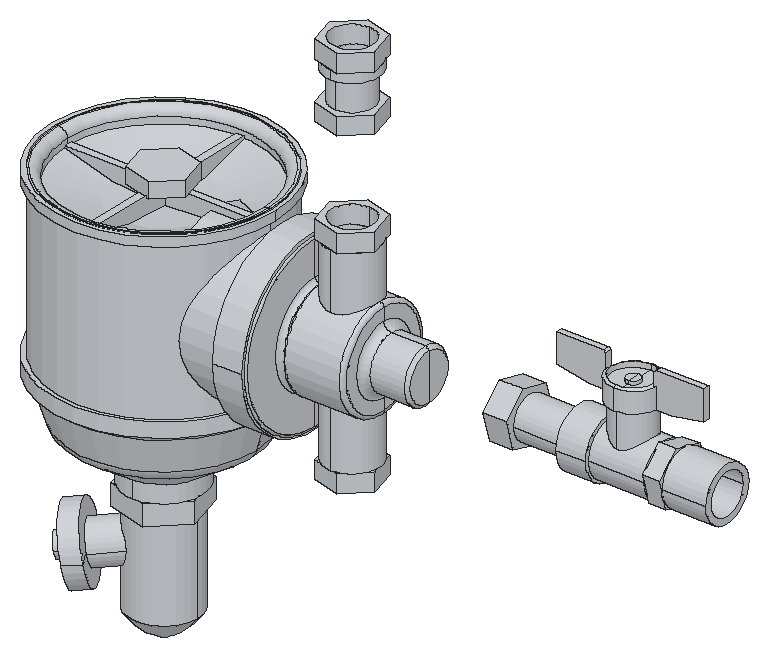
Revit family "Magnetic Dirt-Separator - R146CX004", category Plumbing Fixtures, Revit 2015
Reference planes
  plane 1 "Center (Front/Back)": y = 0
  plane 2: z = 0
  plane 3 "Center (Left/Right)": x = 0
  plane 4: y = 27.082
  plane 5: y = -27.082
  plane 6: x = 36.5
  plane 7: x = 90
  plane 8: z = 141
  plane 9: x = -36.5
  plane 10: x = 64
  plane 11: z = 108.75
  plane 12: z = 148.25
  plane 13: z = 69.25
  plane 14: x = 116.144
  plane 15: x = 191.144
Forms (mm)
  Revolve 1, solid
    sketch origin (0, 0, 3) x (1, 0, 0) y (0, 0, 1)
      loop
        line (-36.5, 138) -> (-36.5, 77) -> (-35.09, 74.687) -> (-31.471, 62.96)
        arc (-31.471, 62.96) -> (-30.58, 61.083) -> (-29.09, 59.634) r 5.868
        line (-29.09, 59.634) -> (-13.523, 49.134) -> (0, 49.134) -> (0, 127.402)
        arc (0, 127.402) -> (-16.677, 128.487) -> (-32.806, 132.865) r 83.662
        line (-32.806, 132.865) -> (-32.806, 135)
        arc (-32.806, 135) -> (-33.624, 137.115) -> (-35.713, 138) r 2.909
        line (-35.713, 138) -> (-36.5, 138)
      axis (0, 138) -> (0, 49.134)
    angle from 0 to 360
  Extrusion 2, solid
    sketch origin (0, 0, 31.542) x (0, -1, 0) y (1, 0, 0)
      loop
        line (-9.899, 9.899) -> (-13.523, -3.623) -> (-3.623, -13.523) -> (9.899, -9.899) -> (13.523, 3.623) -> (3.623, 13.523) -> (-9.899, 9.899)
    from 7.343 to 14.343
  Extrusion 3, solid
    sketch origin (0, 0, 49.331) x (0, -1, 0) y (1, 0, 0)
      loop
        circle (0, 0) r 13
    from -3.447 to 2.803
  Extrusion 4, solid
    sketch origin (-35.45, 0, -329.513) x (0, 1, 0) y (0, 0, -1)
      loop
        circle (0, -438.263) r 30
    from -86.087 to -76.087
  Extrusion 5, solid
    sketch origin (64, 0, 181.188) x (0, -1, 0) y (1, 0, 0)
      loop
        circle (0, 0) r 7
      loop
        circle (0, 0) r 5
    from 2.803 to 12.803
  Revolve 6, solid
    sketch origin (0, 0, -49.134) x (1, 0, 0) y (0, 0, 1)
      loop
        line (-11.5, 88.019) -> (-11.5, 57.028)
        arc (-11.5, 57.028) -> (-7.799, 52.493) -> (-3.006, 49.134) r 21.355
        line (-3.006, 49.134) -> (0, 49.134) -> (0, 88.019) -> (-11.5, 88.019)
      axis (0, 88.019) -> (0, 49.134)
    angle from 0 to 360
  Extrusion 7, solid
    sketch origin (64, 0, 195.727) x (0, -1, 0) y (1, 0, 0)
      loop
        circle (0, 0) r 9
      loop
        circle (0, 0) r 7
    from -1.736 to 1.264
  Extrusion 8, solid
    sketch origin (64, 0, 134.907) x (1, 0, 0) y (0, 1, 0)
      loop
        line (7.071, 7.071) -> (-2.588, 9.659) -> (-9.659, 2.588) -> (-7.071, -7.071) -> (2.588, -9.659) -> (9.659, -2.588) -> (7.071, 7.071)
      loop
        circle (0, 0) r 7
    from 7.343 to 13.343
  Extrusion 9, solid
    sketch origin (64, 0, 119.447) x (0, -1, 0) y (1, 0, 0)
      loop
        circle (0, 0) r 9
      loop
        circle (0, 0) r 7
    from -1.988 to 22.803
  Extrusion 10, solid
    sketch origin (64, 0, 72.447) x (0, -1, 0) y (1, 0, 0)
      loop
        circle (0, 0) r 9
      loop
        circle (0, 0) r 7
    from 2.803 to 28.01
  Extrusion 11, solid
    sketch origin (64, 0, 61.907) x (1, 0, 0) y (0, 1, 0)
      loop
        line (7.071, 7.071) -> (-2.588, 9.659) -> (-9.659, 2.588) -> (-7.071, -7.071) -> (2.588, -9.659) -> (9.659, -2.588) -> (7.071, 7.071)
      loop
        circle (0, 0) r 7
    from 7.343 to 13.343
  Revolve 12, solid
    sketch origin (-18.154, -10.481, 25.295) x (-0.852869, -0.492404, -0.173648) y (0.5, -0.866025, 0)
      loop
        line (-1.249, 12.541) -> (-1.249, 7) -> (-22.405, 7) -> (-22.405, 0) -> (8.073, 0) -> (8.073, 3.887) -> (6.579, 3.887) -> (6.579, 2.2) -> (4.751, 2.2) -> (4.751, 12.541) -> (-1.249, 12.541)
      axis (-22.405, 0) -> (8.073, 0)
    angle from 0 to 360
  Revolve 13, solid
    sketch origin (0, 0, -2) x (1, 0, 0) y (0, 0, 1)
      loop
        line (88.9, 119.75) -> (77.272, 119.75)
        arc (77.272, 119.75) -> (75.409, 120.511) -> (74.612, 122.359) r 2.661
        line (74.612, 122.359) -> (74.612, 126.449)
        arc (74.612, 126.449) -> (74.204, 127.433) -> (73.219, 127.841) r 1.392
        line (73.219, 127.841) -> (54.873, 127.841)
        arc (54.873, 127.841) -> (54.486, 127.707) -> (54.263, 127.363) r 0.627
        arc (54.263, 127.363) -> (53.807, 126.502) -> (52.996, 125.958) r 2
        arc (52.996, 125.958) -> (51.863, 126.612) -> (51.415, 127.841) r 1.911
        line (51.415, 127.841) -> (51.415, 139.338)
        arc (51.415, 139.338) -> (51.206, 139.842) -> (50.703, 140.05) r 0.712
        line (50.703, 140.05) -> (40.808, 140.05)
        arc (40.808, 140.05) -> (40.275, 139.879) -> (39.941, 139.429) r 0.916
        line (39.941, 139.429) -> (39.941, 137.995) -> (39.465, 136.687) -> (17.439, 136.687) -> (17.439, 110.75) -> (90, 110.75) -> (90, 118.65) -> (88.9, 119.75)
      axis (90, 110.75) -> (17.439, 110.75)
    angle from 0 to 360
  Extrusion 14, solid
    sketch origin (0, 0, 138) x (1, 0, 0) y (0, 1, 0)
      loop
        circle (0, 0) r 38
      loop
        circle (0, 0) r 36.5
    from 0 to 3
  Extrusion 15, solid
    sketch origin (0, 0, 79.874) x (1, 0, 0) y (0, 1, 0)
      loop
        circle (0, 0) r 38
      loop
        circle (0, 0) r 36.5
    from 0 to 5
  Extrusion 16, solid
    sketch origin (64, 0, 170.649) x (1, 0, 0) y (0, 1, 0)
      loop
        line (7.071, 7.071) -> (-2.588, 9.659) -> (-9.659, 2.588) -> (-7.071, -7.071) -> (2.588, -9.659) -> (9.659, -2.588) -> (7.071, 7.071)
      loop
        circle (0, 0) r 7
    from 7.343 to 13.343
  Extrusion 17, solid
    sketch origin (64, 0, 189.649) x (1, 0, 0) y (0, 1, 0)
      loop
        line (7.071, 7.071) -> (-2.588, 9.659) -> (-9.659, 2.588) -> (-7.071, -7.071) -> (2.588, -9.659) -> (9.659, -2.588) -> (7.071, 7.071)
      loop
        circle (0, 0) r 7
    from 7.343 to 13.343
  Extrusion 18, solid
    sketch origin (0, 0, 130.681) x (1, 0, 0) y (0, 1, 0)
      loop
        line (7.071, 7.071) -> (-2.588, 9.659) -> (-9.659, 2.588) -> (-7.071, -7.071) -> (2.588, -9.659) -> (9.659, -2.588) -> (7.071, 7.071)
    from 5.931 to 10.931
  Extrusion 19, solid
    sketch origin (0, 0, -46.465) x (1, 0, 0) y (0, 1, 0)
      loop
        line (-1.239, 0) -> (1.263, 0) -> (1.263, 33.348)
        arc (1.263, 33.348) -> (0.013, 33.417) -> (-1.239, 33.386) r 15.869
        line (-1.239, 33.386) -> (-1.239, 0)
    from 176.867 to 183.094
  Extrusion 20, solid
    sketch origin (0.012, 0.012, -46.465) x (-0.001802, -0.999998, 0) y (0.999998, -0.001802, 0)
      loop
        line (-1.239, 0) -> (1.263, 0) -> (1.263, 33.348)
        arc (1.263, 33.348) -> (0.013, 33.417) -> (-1.239, 33.386) r 15.869
        line (-1.239, 33.386) -> (-1.239, 0)
    from 176.867 to 183.094
  Extrusion 21, solid
    sketch origin (0.024, 0, -46.465) x (-0.999994, 0.003605, 0) y (-0.003605, -0.999994, 0)
      loop
        line (-1.239, 0) -> (1.263, 0) -> (1.263, 33.348)
        arc (1.263, 33.348) -> (0.013, 33.417) -> (-1.239, 33.386) r 15.869
        line (-1.239, 33.386) -> (-1.239, 0)
    from 176.867 to 183.094
  Extrusion 22, solid
    sketch origin (0.012, -0.012, -46.465) x (0.005407, 0.999985, 0) y (-0.999985, 0.005407, 0)
      loop
        line (-1.239, 0) -> (1.263, 0) -> (1.263, 33.348)
        arc (1.263, 33.348) -> (0.013, 33.417) -> (-1.239, 33.386) r 15.869
        line (-1.239, 33.386) -> (-1.239, 0)
    from 176.867 to 183.094
  Extrusion 23, solid
    sketch origin (155.341, 0, 108.75) x (0, 0, 1) y (0, -1, 0)
      loop
        circle (0, 0) r 7
      loop
        circle (0, 0) r 5
    from -31.197 to -14.197
  Extrusion 24, solid
    sketch origin (118.015, 0, 108.75) x (0, 0, 1) y (0, -1, 0)
      loop
        circle (0, 0) r 9
      loop
        circle (0, 0) r 7
    from 58.129 to 73.129
  Extrusion 25, solid
    sketch origin (183.487, 0, 108.75) x (0, 0, 1) y (0, 1, 0)
      loop
        line (7.071, 7.071) -> (-2.588, 9.659) -> (-9.659, 2.588) -> (-7.071, -7.071) -> (2.588, -9.659) -> (9.659, -2.588) -> (7.071, 7.071)
      loop
        circle (0, 0) r 7
    from 7.343 to 13.343
  Extrusion 26, solid
    sketch origin (131.487, 0, 108.75) x (0, 0, 1) y (0, 1, 0)
      loop
        line (7.071, 7.071) -> (-2.588, 9.659) -> (-9.659, 2.588) -> (-7.071, -7.071) -> (2.588, -9.659) -> (9.659, -2.588) -> (7.071, 7.071)
      loop
        circle (0, 0) r 7
    from 7.343 to 15.343
  Extrusion 27, solid
    sketch origin (158.487, 0, 108.75) x (0, 0, 1) y (0, 1, 0)
      loop
        circle (0, 0) r 7
      loop
        circle (0, 0) r 10
    from 7.343 to 17.343
  Extrusion 28, solid
    sketch origin (98.015, 0, 108.75) x (0, 0, 1) y (0, -1, 0)
      loop
        circle (0, 0) r 9
      loop
        circle (0, 0) r 7
    from 53.129 to 72.129
  Revolve 29, solid
    sketch origin (159.41, 0, 125.994) x (0, 0, 1) y (0, 1, 0)
      loop
        line (0.632, -8.291) -> (7.41, -8.291) -> (7.876, -7.291) -> (6.109, -7.291) -> (6.109, -2.2) -> (7.041, -2.2) -> (7.041, 0) -> (-13.294, 0) -> (-13.294, -7) -> (0.632, -7) -> (0.632, -8.291)
      axis (-13.294, 0) -> (7.876, 0)
    angle from 0 to 360
  Extrusion 30, solid
    sketch origin (192.825, -1, 109.611) x (0, 0, -1) y (-1, 0, 0)
      loop
        line (-17.015, 41.903) -> (-17.015, 47.933) -> (-19.099, 58.652) -> (-28.947, 58.652) -> (-28.947, 42.73) -> (-28.47, 41.903) -> (-17.015, 41.903)
      loop
        line (-19.099, 8.802) -> (-17.015, 19.522) -> (-17.015, 25.572) -> (-28.458, 25.572) -> (-28.947, 24.724) -> (-28.947, 8.802) -> (-19.099, 8.802)
    from 0 to 2
Dimensions and locks
  level to plane 8 = 141 mm
  Revolve 1 sketch curve to Revolve 1 sketch curve = 36.5 mm
  plane 6 to plane 9 = 73 mm
  Revolve 6 sketch curve to Revolve 6 sketch curve = 11.5 mm
  plane 10 to plane 3 "Center (Left/Right)" = 64 mm
  plane 7 to plane 10 = 26 mm
  plane 9 to plane 7 = 126.5 mm
  plane 11 to plane 12 = 39.5 mm
  plane 13 to plane 11 = 39.5 mm
  plane 15 to plane 14 = 75 mm
  aligned and locked: level to plane 2
